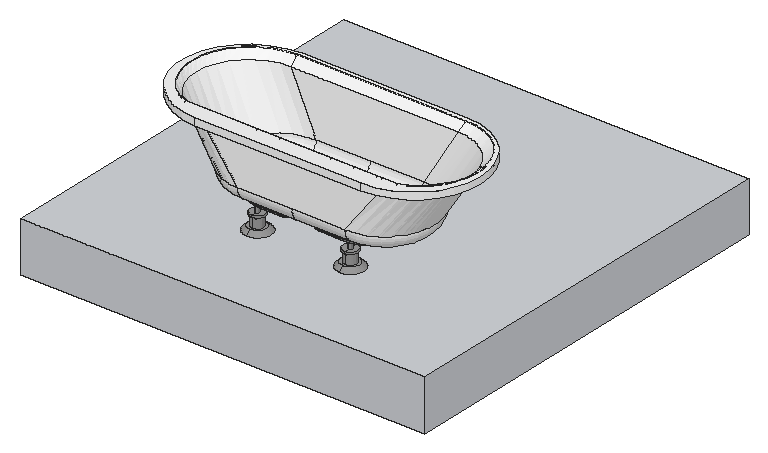
Revit family "IS_ConnectAir_E1068_BIM_DE", category Plumbing Fixtures, host Face, Revit 2014
Parameters (values of type "E106801 - Connect Air oval bath tub")
  WarrantyStartDate [instance] = "1900-12-31T23:59:59"
  WarrantyGuarantorParts = "idealstandard.de@idealstandard.com"
  WarrantyGuarantorLabor = "n/a"
  WarrantyDurationUnit = "year"
  WarrantyDurationParts = "n/a"
  WarrantyDurationLabor = "n/a"
  WarrantyDescription = "Manufacturers Warranty"
  VolumeUnits = "Litres"
  Version = "1"
  Uniclass2015Version = "Products v1.1"
  Uniclass2015Title = "Baths"
  Uniclass2015Code = "Pr_40_20_06_08"
  URL = "www.idealstandard.com"
  Type Comments = "n/a"
  TagNumber [instance] = "n/a"
  TMV3 = no
  SustainabilityPerformance = "n/a"
  SpareParts = "www.idealstandard.de/ersatzteile"
  Space = "Internal"
  Size = "1900x800x40mm"
  Shape = "Oval"
  SerialNumber [instance] = "n/a"
  Revision = "n/a"
  ReplacementCost = "n/a"
  ProductInformation = "www.idealstandard.de/produkte"
  Phone = "+49228 5210"
  NominalWidth = 1899.931 mm
  NominalLength = 900 mm
  NominalHeight = 464.711 mm
  NominalDepth = 900 mm
  NettWeight = "25 kg"
  Name = "Baths_ConnectAir_E106901_IdealStandard"
  NBSTypeID = "n/a"
  NBSReference = "45-35-70/311"
  NBSOfficeMasterTag = "n/a"
  NBSNote = "n/a"
  NBSDescription = "Baths"
  NBSCertification = "n/a"
  ModelReference = Description  # "E106801 Connect Air oval bath tub"
  ModelNumber = Model  # "E106901"
  MaterialThickness = 4 mm
  Material = "Sanitary Brass"
  ManufacturerURL = "www.idealstandard.de"
  LinearUnits = "millimeters"
  Keynote = "n/a"
  InstallationInstructions = "www.idealstandard.de\\produkte"
  InstallationDate [instance] = "1900-12-31T23:59:59"
  IfcExportType = "BATH"
  IfcExportAs = "IfcSanitaryTerminalType"
  Help = "idealstandard.de@idealstandard.com"
  HasGrabHandles = no
  GrossWeight = "0"
  Grade = "n/a"
  Finish = "white"
  Features = "Connect Air hexagon bath tub"
  ExpectedLife = "25"
  DurationUnit = "year"
  DrainSize = 52 mm
  CurrencyUnit = "n/a"
  CreatedOn = "2016-10-27"
  Constituents = "n/a"
  ConnectionType = "Plumbing"
  Color = "white"
  CodePerformance = "DIN EN 14516, DIN EN 232, DIN EN 198"
  Category = "SanitaryTerminal_BATH_DE"
  Reference = "n/a"
  Model = "E106901"
  Manufacturer = "idealstandard.de@idealstandard.com"
  Description = "E106901 Connect Air hexagon bath tub"
  Default Elevation = 610 mm
  Brand = "Ideal Standard"
  BathType = "Domestic"
  BarCode = "5017830518785"
  BIMObjectName = "ISI_IdealStandard_Baths_ConnectAir_E106901"
  Author = "Ideal Standard GmbH"
  AssetType = "Fixed"
  AssetIdentifier [instance] = "n/a"
  Assembly Code = "C1030200"
  AreaUnits = "millimeters"
  AreaMeasurement = "n/a"
  Accessories = "www.idealstandard.de\\ersatzteile"
  AccessibilityPerformance = "n/a"
Reference planes
  plane 1 "Center (Front/Back)": y = 0
  plane 2: z = 0
  plane 3 "Center (Left/Right)": x = 0
  plane 4: z = 610
  plane 5: z = 157.454
  plane 6: x = 280
  plane 7: y = -450
  plane 8: y = -250
  plane 9: x = -280
  plane 10: y = -650
  plane 11: through (0, -775.117, 250.72) normal (0, 0.9975, 0.07)
  plane 12: z = 530
  plane 13: through (0, -794.703, 530) normal (0, 0.07, -0.9975)
  plane 14: x = 949.966
  plane 15: x = -949.966
  plane 16: y = -900
  plane 17: z = 570
  plane 18: z = 252.437
  plane 19: x = 226.639
  plane 20: y = -462.421
  plane 21: x = -226.639
  plane 22: x = 226.639
  plane 23: y = -630
  plane 24: y = -530
Forms (mm)
  Extrusion 1, solid
    sketch origin (0, 0, 0) x (1, 0, 0) y (0, 1, 0)
      loop
        line (-1219.2, 1219.2) -> (-1219.2, -1219.2) -> (1219.2, -1219.2) -> (1219.2, 1219.2) -> (-1219.2, 1219.2)
    from 0 to -304.8
  Extrusion 2, solid, material "Steel, S 275"
    sketch origin (0, -585.571, 157.454) x (-1, 0, 0) y (0, 1, 0)
      loop
        line (0, 485.571) -> (-240, 485.571)
        arc (-240, 485.571) -> (-510, 215.571) -> (-240, -54.429) r 270
        line (-240, -54.429) -> (-110, -54.429)
        arc (-110, -54.429) -> (-88.787, -45.643) -> (-80, -24.429) r 30
        line (-80, -24.429) -> (-80, 55.571)
        arc (-80, 55.571) -> (0, 135.571) -> (80, 55.571) r 80
        line (80, 55.571) -> (80, -24.429)
        arc (80, -24.429) -> (88.787, -45.643) -> (110, -54.429) r 30
        line (110, -54.429) -> (240, -54.429)
        arc (240, -54.429) -> (510, 215.571) -> (240, 485.571) r 270
        line (240, 485.571) -> (0, 485.571)
    from 0 to 20
  Sweep 3, void
    path in 3D
      loop
        line (0, -100, 137.454) -> (240, -100, 137.454)
        arc (240, -100, 137.454) -> (510, -370, 137.454) -> (240, -640, 137.454) r 270
        line (240, -640, 137.454) -> (110, -640, 137.454)
        arc (110, -640, 137.454) -> (88.787, -631.213, 137.454) -> (80, -610, 137.454) r 30
        line (80, -610, 137.454) -> (80, -530, 137.454)
        arc (80, -530, 137.454) -> (0, -450, 137.454) -> (-80, -530, 137.454) r 80
        line (-80, -530, 137.454) -> (-80, -610, 137.454)
        arc (-80, -610, 137.454) -> (-88.787, -631.213, 137.454) -> (-110, -640, 137.454) r 30
        line (-110, -640, 137.454) -> (-240, -640, 137.454)
        arc (-240, -640, 137.454) -> (-510, -370, 137.454) -> (-240, -100, 137.454) r 270
        line (-240, -100, 137.454) -> (0, -100, 137.454)
    profile origin (-120, -100, 137.454) x (0, -1, 0) y (0, 0, -1)
      loop
        line (0, 0) -> (0, -15) -> (15, 0) -> (0, 0)
  Revolve 4, solid, material "Steel, S 275"
    sketch origin (280, -4526.749, 695.001) x (0, 0, 1) y (0, -1, 0)
      loop
        line (-695.001, -4002) -> (-670.252, -3977.251) -> (-670.252, -3957.251) -> (-615.252, -3957.251) -> (-611.11, -3953.109) -> (-611.11, -3938.109) -> (-606.11, -3938.109) -> (-606.11, -3967.251) -> (-597.692, -3967.251) -> (-597.692, -3933.109) -> (-562.547, -3933.109) -> (-557.547, -3938.109) -> (-557.547, -3933.109) -> (-557.547, -3922) -> (-695.001, -3922) -> (-695.001, -4002)
      axis (-695.001, -3922) -> (-557.547, -3922)
    angle from 0 to 360
  Revolve 5, solid, material "Snow"
    sketch origin (0, 201.276, 162.482) x (0, 0.981627, 0.190809) y (0, -0.190809, 0.981627)
      loop
        line (-796.362, 529.884) -> (-789.715, 530.35) -> (-791.604, 557.284)
        arc (-791.604, 557.284) -> (-792.629, 559.338) -> (-794.806, 560.066) r 3
        line (-794.806, 560.066) -> (-798.46, 559.81) -> (-796.362, 529.884)
      axis (-796.362, 529.884) -> (-789.715, 530.35)
    angle from 0 to 360
  Revolve 6, solid, material "Steel, S 275"
    sketch origin (280, 3783.612, 695.001) x (0, 0, 1) y (0, -1, 0)
      loop
        line (-695.001, 4002) -> (-695.001, 3922) -> (-557.547, 3922) -> (-557.547, 3933.109) -> (-557.547, 3938.109) -> (-562.547, 3933.109) -> (-597.692, 3933.109) -> (-597.692, 3967.251) -> (-606.11, 3967.251) -> (-606.11, 3938.109) -> (-611.11, 3938.109) -> (-611.11, 3953.109) -> (-615.252, 3957.251) -> (-670.252, 3957.251) -> (-670.252, 3977.251) -> (-695.001, 4002)
      axis (-695.001, 3922) -> (-557.547, 3922)
    angle from 0 to 360
  Revolve 7, solid, material "Steel, S 275"
    sketch origin (-280, -4526.749, 695.001) x (0, 0, 1) y (0, 1, 0)
      loop
        line (-695.001, 4002) -> (-695.001, 3922) -> (-557.547, 3922) -> (-557.547, 3933.109) -> (-557.547, 3938.109) -> (-562.547, 3933.109) -> (-597.692, 3933.109) -> (-597.692, 3967.251) -> (-606.11, 3967.251) -> (-606.11, 3938.109) -> (-611.11, 3938.109) -> (-611.11, 3953.109) -> (-615.252, 3957.251) -> (-670.252, 3957.251) -> (-670.252, 3977.251) -> (-695.001, 4002)
      axis (-695.001, 3922) -> (-557.547, 3922)
    angle from 0 to 360
  Revolve 8, solid, material "Steel, S 275"
    sketch origin (-280, 3783.612, 695.001) x (0, 0, 1) y (0, 1, 0)
      loop
        line (-695.001, -4002) -> (-670.252, -3977.251) -> (-670.252, -3957.251) -> (-615.252, -3957.251) -> (-611.11, -3953.109) -> (-611.11, -3938.109) -> (-606.11, -3938.109) -> (-606.11, -3967.251) -> (-597.692, -3967.251) -> (-597.692, -3933.109) -> (-562.547, -3933.109) -> (-557.547, -3938.109) -> (-557.547, -3933.109) -> (-557.547, -3922) -> (-695.001, -3922) -> (-695.001, -4002)
      axis (-695.001, -3922) -> (-557.547, -3922)
    angle from 0 to 360
  Extrusion 9, solid, material "Snow"
    sketch origin (0, -685.571, 157.454) x (-1, 0, 0) y (0, 1, 0)
      loop
        line (0, 80.571) -> (323.523, 80.571)
        arc (323.523, 80.571) -> (525.556, 282.604) -> (323.523, 484.637) r 202.033
        line (323.523, 484.637) -> (0, 484.637) -> (-323.523, 484.637)
        arc (-323.523, 484.637) -> (-525.556, 282.604) -> (-323.523, 80.571) r 202.033
        line (-323.523, 80.571) -> (0, 80.571)
    from 0 to -4
  Sweep 10, solid, material "Snow"
    path in 3D
      loop
        arc (-323.523, -200.934, 161.454) -> (-525.556, -402.967, 161.454) -> (-323.523, -605, 161.454) r 202.033
        line (-323.523, -605, 161.454) -> (0, -605, 161.454) -> (323.523, -605, 161.454)
        arc (323.523, -605, 161.454) -> (525.556, -402.967, 161.454) -> (323.523, -200.934, 161.454) r 202.033
        line (323.523, -200.934, 161.454) -> (0, -200.934, 161.454) -> (-323.523, -200.934, 161.454)
    profile origin (-161.761, -200.934, 161.454) x (0, -1, 0) y (0, 0, 1)
      loop
        arc (0, 0) -> (-64.335, 26.648) -> (-90.983, 90.983) r 90.983
        line (-90.983, 90.983) -> (-94.983, 90.983)
        arc (-94.983, 90.983) -> (-67.163, 23.82) -> (0, -4) r 94.983
        line (0, -4) -> (0, 0)
  Blend 11, solid, material "Snow"
    base sketch origin (0, -720.695, 530) x (0, 1, 0) y (-1, 0, 0)
      loop
        line (610.744, 0) -> (614.744, 0) -> (614.744, 323.523)
        arc (614.744, 323.523) -> (317.728, 620.539) -> (20.712, 323.523) r 297.016
        line (20.712, 323.523) -> (20.712, 0) -> (24.712, 0) -> (24.712, 323.523)
        arc (24.712, 323.523) -> (317.728, 616.539) -> (610.744, 323.523) r 293.016
        line (610.744, 323.523) -> (610.744, 0)
    top sketch origin (0, -720.695, 530) x (0, 1, 0) y (-1, 0, 0)
      loop
        line (24.712, 0) -> (24.712, 565)
        arc (24.712, 565) -> (361.949, 816.448) -> (644.712, 505) r 312.903
        line (644.712, 505) -> (644.712, 0) -> (648.712, 0) -> (648.712, 505)
        arc (648.712, 505) -> (362.141, 820.448) -> (20.712, 565.386) r 316.903
        line (20.712, 565.386) -> (20.712, 0) -> (24.712, 0)
    from -277.563 to 40
  Blend 12, solid, material "Snow"
    base sketch origin (-949.966, -4572, 570) x (-1, 0, 0) y (0, -1, 0)
      loop
        arc (-384.966, -3876.017) -> (-133.517, -4213.254) -> (-444.966, -4496.017) r 312.903
        line (-444.966, -4496.017) -> (-949.966, -4496.017) -> (-949.966, -4500.017) -> (-444.966, -4500.017)
        arc (-444.966, -4500.017) -> (-129.517, -4213.446) -> (-384.58, -3872.017) r 316.903
        line (-384.58, -3872.017) -> (-949.966, -3872.017) -> (-949.966, -3876.017) -> (-384.966, -3876.017)
    top sketch origin (-949.966, -4572, 570) x (-1, 0, 0) y (0, -1, 0)
      loop
        line (-949.966, -3872.017) -> (-312.558, -3872.017)
        arc (-312.558, -3872.017) -> (-95.04, -4263.856) -> (-439.966, -4550) r 350.963
        line (-439.966, -4550) -> (-949.966, -4550) -> (-949.966, -4554) -> (-439.966, -4554)
        arc (-439.966, -4554) -> (-91.04, -4264.224) -> (-311.808, -3868.017) r 354.963
        line (-311.808, -3868.017) -> (-949.966, -3868.017) -> (-949.966, -3872.017)
    from 0 to 40
  Extrusion 13, solid, material "Snow"
    sketch origin (0, 157.296, 610) x (0, 1, 0) y (-1, 0, 0)
      loop
        line (-157.296, -500) -> (-157.296, 500)
        arc (-157.296, 500) -> (-557.296, 900) -> (-957.296, 500) r 400
        line (-957.296, 500) -> (-957.296, -500)
        arc (-957.296, -500) -> (-557.296, -900) -> (-157.296, -500) r 400
      loop
        line (-857.302, 637.349) -> (-857.302, -0.068) -> (-857.302, -637.349)
        arc (-857.302, -637.349) -> (-465.471, -854.931) -> (-179.296, -510) r 350.963
        line (-179.296, -510) -> (-179.296, 0) -> (-179.296, 510)
        arc (-179.296, 510) -> (-465.471, 854.931) -> (-857.302, 637.349) r 350.963
    from 0 to -40
  Blend 14, solid, material "Snow"
    base sketch origin (0, -720.695, 530) x (0, 1, 0) y (-1, 0, 0)
      loop
        line (610.744, 0) -> (610.744, -323.523)
        arc (610.744, -323.523) -> (317.728, -616.539) -> (24.712, -323.523) r 293.016
        line (24.712, -323.523) -> (24.712, 0) -> (20.712, 0) -> (20.712, -323.523)
        arc (20.712, -323.523) -> (317.728, -620.539) -> (614.744, -323.523) r 297.016
        line (614.744, -323.523) -> (614.744, 0) -> (610.744, 0)
    top sketch origin (0, -720.695, 530) x (0, 1, 0) y (-1, 0, 0)
      loop
        line (24.712, 0) -> (20.712, 0) -> (20.712, -565.386)
        arc (20.712, -565.386) -> (362.141, -820.448) -> (648.712, -505) r 316.903
        line (648.712, -505) -> (648.712, 0) -> (644.712, 0) -> (644.712, -505)
        arc (644.712, -505) -> (361.949, -816.448) -> (24.712, -565) r 312.903
        line (24.712, -565) -> (24.712, 0)
    from -277.563 to 40
  Blend 15, solid, material "Snow"
    base sketch origin (949.966, -4572, 570) x (1, 0, 0) y (0, 1, 0)
      loop
        line (-384.966, 3876.017) -> (-949.966, 3876.017) -> (-949.966, 3872.017) -> (-384.58, 3872.017)
        arc (-384.58, 3872.017) -> (-129.517, 4213.446) -> (-444.966, 4500.017) r 316.903
        line (-444.966, 4500.017) -> (-949.966, 4500.017) -> (-949.966, 4496.017) -> (-444.966, 4496.017)
        arc (-444.966, 4496.017) -> (-133.517, 4213.254) -> (-384.966, 3876.017) r 312.903
    top sketch origin (949.966, -4572, 570) x (1, 0, 0) y (0, 1, 0)
      loop
        line (-949.966, 3872.017) -> (-949.966, 3868.017) -> (-311.808, 3868.017)
        arc (-311.808, 3868.017) -> (-91.04, 4264.224) -> (-439.966, 4554) r 354.963
        line (-439.966, 4554) -> (-949.966, 4554) -> (-949.966, 4550) -> (-439.966, 4550)
        arc (-439.966, 4550) -> (-95.04, 4263.856) -> (-312.558, 3872.017) r 350.963
        line (-312.558, 3872.017) -> (-949.966, 3872.017)
    from 0 to 40
  Revolve 16, solid, material "Snow"
    sketch origin (-34.5, -530, 1219.2) x (-1, 0, 0) y (0, 0, 1)
      loop
        line (-34.5, -1073.911) -> (-34.5, -1061.746) -> (-90.071, -1061.746) -> (-69, -1073.911) -> (-34.5, -1073.911)
      axis (-34.5, -1073.911) -> (-34.5, -1061.746)
    angle from 0 to 360
  Extrusion 17, void
    sketch origin (0, -685.571, 157.454) x (0, 1, 0) y (-1, 0, 0)
      loop
        circle (155.571, 0) r 26
    from -17.237 to 48.418
  Revolve 18, void
    sketch origin (-34.5, -530, 1219.2) x (-1, 0, 0) y (0, 0, 1)
      loop
        line (-8.5, -1073.911) -> (24.662, -1051.544) -> (-20.338, -1051.544) -> (-20.338, -1073.911) -> (-8.5, -1073.911)
      axis (-34.5, -1051.544) -> (-34.5, -1073.911)
    angle from 0 to 360
Cuts and joins
  Sweep 3 cuts Extrusion 2
  Extrusion 17, Revolve 18 cuts Extrusion 9
  Extrusion 17, Revolve 18 cuts Sweep 10
  Extrusion 17, Revolve 18 cuts Blend 11
  Extrusion 17, Revolve 18 cuts Blend 12
  Extrusion 17, Revolve 18 cuts Blend 14
  Extrusion 17, Revolve 18 cuts Blend 15
  Extrusion 17, Revolve 18 cuts Revolve 16
  joined: Extrusion 9, Sweep 10, Blend 11, Blend 12, Blend 14, Blend 15, Revolve 16
Lines and regions (mm)
  sketch lines
    curve 1: line (-240, -100, 137.454) -> (0, -100, 137.454)
    curve 2: arc (-240, -100, 137.454) -> (-510, -370, 137.454) -> (-240, -640, 137.454) r 270
    curve 3: line (-110, -640, 137.454) -> (-240, -640, 137.454)
    curve 4: arc (-110, -640, 137.454) -> (-88.787, -631.213, 137.454) -> (-80, -610, 137.454) r 30
    curve 5: line (-80, -530, 137.454) -> (-80, -610, 137.454)
    curve 6: arc (-80, -530, 137.454) -> (0, -450, 137.454) -> (80, -530, 137.454) r 80
    curve 7: line (80, -610, 137.454) -> (80, -530, 137.454)
    curve 8: arc (80, -610, 137.454) -> (88.787, -631.213, 137.454) -> (110, -640, 137.454) r 30
    curve 9: line (240, -640, 137.454) -> (110, -640, 137.454)
    curve 10: arc (240, -640, 137.454) -> (510, -370, 137.454) -> (240, -100, 137.454) r 270
    curve 11: line (0, -100, 137.454) -> (240, -100, 137.454)
    curve 12: line (0, -200.934, 161.454) -> (-323.523, -200.934, 161.454)
    curve 13: arc (-323.523, -605, 161.454) -> (-525.556, -402.967, 161.454) -> (-323.523, -200.934, 161.454) r 202.033
    curve 14: line (-323.523, -605, 161.454) -> (0, -605, 161.454)
    curve 15: line (323.523, -200.934, 161.454) -> (0, -200.934, 161.454)
    curve 16: arc (323.523, -200.934, 161.454) -> (525.556, -402.967, 161.454) -> (323.523, -605, 161.454) r 202.033
    curve 17: line (0, -605, 161.454) -> (323.523, -605, 161.454)
Dimensions and locks
  "NominalWidth": plane 15 to plane 14
  "NominalDepth": plane 16 to plane 1 "Center (Front/Back)"
  "Default Elevation": plane 4 to level
  aligned and locked: plane 2 to Extrusion 1
  aligned and locked: level to Extrusion 1
Automatic sketch dimensions
  Extrusion 1 sketch curve to Extrusion 1 sketch curve = 2438.4 mm  (x2)
  Extrusion 2 sketch curve to plane 24 = 0 mm
  Extrusion 2 sketch curve to plane 3 "Center (Left/Right)" = 0 mm  (x2)
  plane 3 "Center (Left/Right)" to Extrusion 2 sketch curve = 80 mm
  plane 10 to Extrusion 2 sketch curve = 10 mm  (x2)
  Extrusion 2 sketch curve to Extrusion 2 sketch curve = 30 mm  (x2)
  Extrusion 2 sketch curve to plane 19 = 13.361 mm
  Extrusion 2 sketch curve to plane 21 = 13.361 mm
  Extrusion 2 sketch curve to plane 7 = 80 mm
  Sweep 3 sketch curve to profile plane = 0 mm
  profile plane to Sweep 3 sketch curve = 0 mm
  Sweep 3 sketch curve to profile plane = 15 mm  (x2)
  Revolve 4 sketch curve to level = 0 mm
  level to Revolve 4 sketch curve = 24.749 mm
  Revolve 4 sketch curve to Revolve 4 sketch curve = 55 mm
  Revolve 4 sketch curve to Revolve 4 sketch curve = 4.142 mm  (x2)
  Revolve 4 sketch curve to Revolve 4 sketch curve = 5 mm  (x3)
  Revolve 4 sketch curve to Revolve 4 sketch curve = 8.418 mm
  plane 5 to Revolve 4 sketch curve = 25 mm
  plane 24 to Revolve 4 sketch curve = 5.251 mm
  Revolve 4 sketch curve to plane 24 = 19.497 mm
  Revolve 4 sketch curve to plane 24 = 29.497 mm
  Revolve 4 sketch curve to Revolve 4 sketch curve = 20 mm
  Revolve 4 sketch curve to Revolve 4 sketch curve = 15 mm
  plane 23 to Revolve 4 sketch curve = 41.36 mm
  Revolve 4 sketch curve to Revolve 4 sketch curve = 0 mm
  plane 23 to Revolve 4 sketch curve = 25.251 mm  (x2)
  Revolve 4 sketch curve to Revolve 4 sketch curve = 304.8 mm
  plane 4 to Revolve 4 sketch curve = 1828.4 mm
  Revolve 5 sketch curve to plane 17 = 10.347 mm
  Revolve 5 sketch curve to plane 13 = 22.209 mm
  Revolve 5 sketch curve to Revolve 5 sketch curve = 2.099 mm
  Revolve 5 sketch curve to Revolve 5 sketch curve = 3.654 mm
  Revolve 5 sketch curve to Revolve 5 sketch curve = 0.21 mm
  Revolve 5 sketch curve to Revolve 5 sketch curve = 2.993 mm
  Revolve 5 sketch curve to Revolve 5 sketch curve = 6.647 mm
  Revolve 5 sketch curve to Revolve 5 sketch curve = 2.527 mm
  Revolve 5 sketch curve to Revolve 5 sketch curve = 1.659 mm
  Revolve 5 sketch curve to Revolve 5 sketch curve = 74.053 mm
  Revolve 5 sketch curve to Revolve 5 sketch curve = 5.193 mm
  Revolve 5 sketch curve to Revolve 5 sketch curve = 0.116 mm
  Revolve 6 sketch curve to level = 0 mm
  level to Revolve 6 sketch curve = 24.749 mm
  Revolve 6 sketch curve to Revolve 6 sketch curve = 55 mm
  Revolve 6 sketch curve to Revolve 6 sketch curve = 4.142 mm  (x2)
  Revolve 6 sketch curve to Revolve 6 sketch curve = 5 mm  (x4)
  Revolve 6 sketch curve to Revolve 6 sketch curve = 8.418 mm
  plane 5 to Revolve 6 sketch curve = 25 mm
  Revolve 6 sketch curve to plane 8 = 111.612 mm  (x2)
  Revolve 6 sketch curve to Revolve 6 sketch curve = 11.109 mm
  Revolve 6 sketch curve to Revolve 6 sketch curve = 0 mm
  Revolve 6 sketch curve to Revolve 6 sketch curve = 15 mm
  Revolve 6 sketch curve to Revolve 6 sketch curve = 14.142 mm
  Revolve 6 sketch curve to Revolve 6 sketch curve = 20 mm
  Revolve 6 sketch curve to plane 8 = 31.612 mm
  Revolve 6 sketch curve to Revolve 6 sketch curve = 304.8 mm
  plane 4 to Revolve 6 sketch curve = 1828.4 mm
  Revolve 7 sketch curve to level = 0 mm
  level to Revolve 7 sketch curve = 24.749 mm
  Revolve 7 sketch curve to Revolve 7 sketch curve = 55 mm
  Revolve 7 sketch curve to Revolve 7 sketch curve = 4.142 mm  (x2)
  Revolve 7 sketch curve to Revolve 7 sketch curve = 5 mm  (x4)
  Revolve 7 sketch curve to Revolve 7 sketch curve = 8.418 mm
  plane 5 to Revolve 7 sketch curve = 25 mm
  plane 23 to Revolve 7 sketch curve = 25.251 mm  (x2)
  Revolve 7 sketch curve to Revolve 7 sketch curve = 11.109 mm
  Revolve 7 sketch curve to Revolve 7 sketch curve = 0 mm
  Revolve 7 sketch curve to Revolve 7 sketch curve = 15 mm
  Revolve 7 sketch curve to Revolve 7 sketch curve = 14.142 mm
  Revolve 7 sketch curve to plane 24 = 19.497 mm
  plane 24 to Revolve 7 sketch curve = 5.251 mm
  Revolve 7 sketch curve to Revolve 7 sketch curve = 304.8 mm
  plane 4 to Revolve 7 sketch curve = 1828.4 mm
  Revolve 8 sketch curve to level = 0 mm
  level to Revolve 8 sketch curve = 24.749 mm
  Revolve 8 sketch curve to Revolve 8 sketch curve = 55 mm
  Revolve 8 sketch curve to Revolve 8 sketch curve = 4.142 mm  (x2)
  Revolve 8 sketch curve to Revolve 8 sketch curve = 5 mm  (x3)
  Revolve 8 sketch curve to Revolve 8 sketch curve = 8.418 mm
  plane 5 to Revolve 8 sketch curve = 25 mm
  Revolve 8 sketch curve to plane 8 = 31.612 mm
  Revolve 8 sketch curve to Revolve 8 sketch curve = 24.749 mm
  Revolve 8 sketch curve to plane 8 = 66.36 mm
  Revolve 8 sketch curve to Revolve 8 sketch curve = 20 mm
  Revolve 8 sketch curve to Revolve 8 sketch curve = 15 mm
  Revolve 8 sketch curve to Revolve 8 sketch curve = 0 mm  (x2)
  Revolve 8 sketch curve to Revolve 8 sketch curve = 35.251 mm
  Revolve 8 sketch curve to plane 8 = 111.612 mm
  Revolve 8 sketch curve to Revolve 8 sketch curve = 304.8 mm
  plane 4 to Revolve 8 sketch curve = 1828.4 mm
  Extrusion 9 sketch curve to plane 3 "Center (Left/Right)" = 0 mm  (x2)
  plane 6 to Extrusion 9 sketch curve = 43.523 mm
  plane 9 to Extrusion 9 sketch curve = 43.523 mm
  Extrusion 9 sketch curve to plane 8 = 49.066 mm
  Extrusion 9 sketch curve to plane 7 = 47.033 mm
  Sweep 10 sketch curve to Sweep 10 sketch curve = 0 mm  (x2)
  Sweep 10 sketch curve to profile plane = 0 mm  (x2)
  Sweep 10 sketch curve to Sweep 10 sketch curve = 90.983 mm
  Sweep 10 sketch curve to Sweep 10 sketch curve = 4 mm
  Blend 11 sketch curve to Blend 11 sketch curve = 0 mm  (x4)
  Blend 11 sketch curve to plane 3 "Center (Left/Right)" = 0 mm  (x4)
  Blend 11 sketch curve to plane 10 = 49.983 mm  (x2)
  Blend 11 sketch curve to Blend 11 sketch curve = 4 mm  (x3)
  Blend 11 sketch curve to plane 7 = 47.033 mm
  plane 9 to Blend 11 sketch curve = 43.523 mm
  Blend 11 sketch curve to plane 7 = 61.113 mm
  plane 1 "Center (Front/Back)" to Blend 11 sketch curve = 75.983 mm
  plane 9 to Blend 11 sketch curve = 225 mm
  Blend 12 sketch curve to Blend 12 sketch curve = 0 mm  (x4)
  Blend 12 sketch curve to plane 3 "Center (Left/Right)" = 0 mm  (x4)
  Blend 12 sketch curve to plane 7 = 61.113 mm
  plane 9 to Blend 12 sketch curve = 225 mm
  Blend 12 sketch curve to plane 10 = 45.983 mm
  plane 9 to Blend 12 sketch curve = 285 mm
  Blend 12 sketch curve to Blend 12 sketch curve = 0.386 mm
  Blend 12 sketch curve to Blend 12 sketch curve = 4 mm  (x2)
  plane 1 "Center (Front/Back)" to Blend 12 sketch curve = 18 mm
  plane 9 to Blend 12 sketch curve = 230 mm
  Blend 12 sketch curve to plane 10 = 49.983 mm
  Blend 12 sketch curve to plane 15 = 312.558 mm
  Blend 12 sketch curve to Blend 12 sketch curve = 0.749 mm
  Extrusion 13 sketch curve to plane 3 "Center (Left/Right)" = 0 mm
  plane 1 "Center (Front/Back)" to Extrusion 13 sketch curve = 0 mm
  plane 1 "Center (Front/Back)" to Extrusion 13 sketch curve = 22 mm
  Extrusion 13 sketch curve to plane 7 = 77.037 mm  (x2)
  Extrusion 13 sketch curve to Extrusion 13 sketch curve = 27.037 mm
  plane 3 "Center (Left/Right)" to Extrusion 13 sketch curve = 0.068 mm
  Extrusion 13 sketch curve to plane 10 = 50.006 mm
  plane 6 to Extrusion 13 sketch curve = 220 mm
  Extrusion 13 sketch curve to Extrusion 13 sketch curve = 10 mm  (x2)
  plane 9 to Extrusion 13 sketch curve = 220 mm
  Blend 14 sketch curve to Blend 14 sketch curve = 0 mm  (x4)
  Blend 14 sketch curve to plane 3 "Center (Left/Right)" = 0 mm  (x4)
  Blend 14 sketch curve to plane 10 = 49.983 mm  (x2)
  Blend 14 sketch curve to Blend 14 sketch curve = 4 mm  (x3)
  Blend 14 sketch curve to plane 7 = 47.033 mm
  plane 6 to Blend 14 sketch curve = 43.523 mm
  Blend 14 sketch curve to plane 7 = 61.113 mm
  plane 1 "Center (Front/Back)" to Blend 14 sketch curve = 75.983 mm
  plane 6 to Blend 14 sketch curve = 225 mm
  Blend 15 sketch curve to Blend 15 sketch curve = 0 mm  (x4)
  Blend 15 sketch curve to plane 3 "Center (Left/Right)" = 0 mm  (x4)
  Blend 15 sketch curve to plane 7 = 61.113 mm
  plane 6 to Blend 15 sketch curve = 225 mm
  Blend 15 sketch curve to plane 10 = 45.983 mm
  plane 6 to Blend 15 sketch curve = 285 mm
  Blend 15 sketch curve to Blend 15 sketch curve = 0.386 mm
  Blend 15 sketch curve to Blend 15 sketch curve = 4 mm  (x2)
  plane 1 "Center (Front/Back)" to Blend 15 sketch curve = 18 mm
  plane 6 to Blend 15 sketch curve = 230 mm
  Blend 15 sketch curve to plane 10 = 49.983 mm
  Blend 15 sketch curve to plane 14 = 312.558 mm
  Blend 15 sketch curve to Blend 15 sketch curve = 0.749 mm
  Revolve 16 sketch curve to plane 3 "Center (Left/Right)" = 0 mm
  Revolve 16 sketch curve to plane 5 = 0 mm
  plane 5 to Revolve 16 sketch curve = 12.165 mm
  plane 3 "Center (Left/Right)" to Revolve 16 sketch curve = 34.5 mm
  Revolve 16 sketch curve to Revolve 16 sketch curve = 21.071 mm
  Extrusion 17 sketch curve to plane 3 "Center (Left/Right)" = 0 mm
  Extrusion 17 sketch curve to plane 24 = 0 mm
  Revolve 18 sketch curve to plane 3 "Center (Left/Right)" = 14.162 mm
  Revolve 18 sketch curve to plane 5 = 10.203 mm
  Revolve 18 sketch curve to Revolve 18 sketch curve = 45 mm
  Revolve 18 sketch curve to Revolve 18 sketch curve = 11.838 mm
  plane 5 to Revolve 18 sketch curve = 12.165 mm
  radius of Extrusion 17 sketch curve = 26 mm
Connectors
  piping at (0, -524.8, 145.289), diameter 52
    settings: on cut or joined group of Extrusion 9, Sweep 10, Blend 11, Blend 12, Blend 14, Blend 15, Revolve 16, Extrusion 17, Revolve 18, index 1, connector inside diameter 24", connector length 0 mm, flow factor 0, pipe flow 0 GPM, pressure drop 0.00 psi, fitting loss kfactor 0, connector angle 0.00°, fixture units 0, engagement length 0 mm, angle of deflection 0.00°, flow configuration 2, flow direction 2, fitting loss method 0, system type 16, joint type 0, gender type 0, connector reference index -1, connector utility 0, adjustable connector no, is connector primary yes, connector description ""
